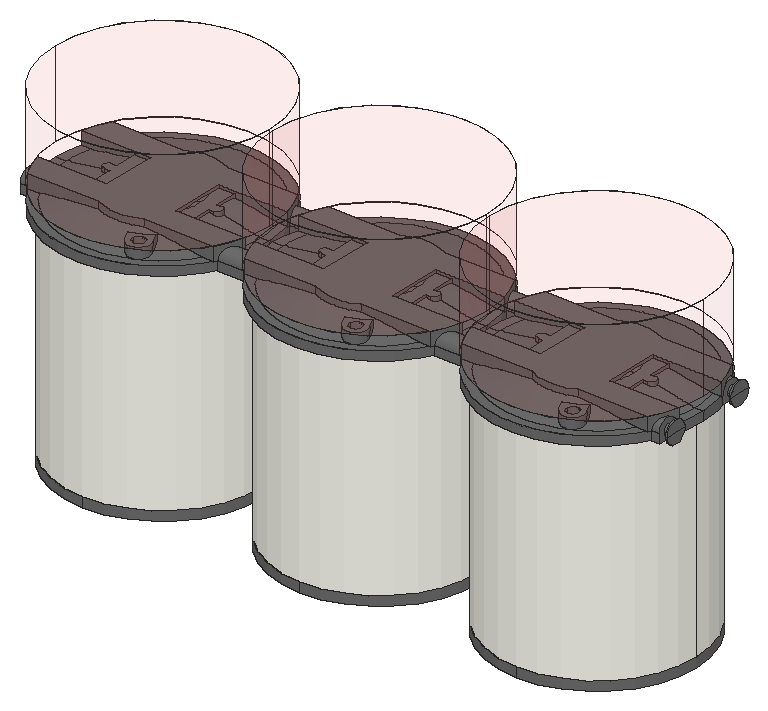
Revit family (continued)
Definition of nested family "Cooling_Plant_Accessories-Calmac-IceBank-Lid_C"
  Dimensions and locks (in)
    locked: plane 62 "Flange Left" to plane 29 "Left" at 1.69899
    radius of Extrusion 4 sketch curve = 2 15/32"
    radius of Extrusion 4 sketch curve = 31.11"
    radius of Extrusion 4 sketch curve = 4.66"
    aligned and locked: plane 37 "Right" to Revolve 1 sketch curve
    aligned and locked: Revolve 1 sketch curve to plane 3 "Center (Left/Right)"  (x2)
    aligned and locked: plane 38 "Lid Inset Right" to Revolve 1 sketch curve
    aligned and locked: plane 43 "Top Right" to Revolve 1 sketch curve
    aligned and locked: Revolve 1 sketch curve to plane 2 "Bottom"
    aligned and locked: plane 2 "Bottom" to Revolve 1 sketch curve
    aligned and locked: Extrusion 2 sketch curve to plane 8 "Piping Back"  (x2)
    aligned and locked: Extrusion 2 sketch curve to plane 9 "Rigging Back"
    aligned and locked: plane 19 "Rigging Front" to Extrusion 2 sketch curve  (x2)
    aligned and locked: plane 18 "Piping Front" to Extrusion 2 sketch curve  (x2)
    aligned and locked: plane 1 "Center (Front/Back)" to Extrusion 2 sketch curve
    aligned and locked: plane 3 "Center (Left/Right)" to Extrusion 2 sketch curve  (x2)
    aligned and locked: Extrusion 2 sketch curve to plane 34 "Left Rigging Right"
    aligned and locked: plane 42 "Right Rigging Left" to Extrusion 2 sketch curve
    aligned and locked: plane 35 "Top Left" to Extrusion 2 sketch curve
    aligned and locked: plane 43 "Top Right" to Extrusion 2 sketch curve
    aligned and locked: plane 5 "Back Connector Back" to Extrusion 3 sketch curve
    aligned and locked: plane 17 "Front Connector Back" to Extrusion 3 sketch curve
    aligned and locked: plane 15 "Front Connection Front" to Extrusion 3 sketch curve
    aligned and locked: Extrusion 3 sketch curve to plane 17 "Front Connector Back"
    aligned and locked: Extrusion 3 sketch curve to plane 15 "Front Connection Front"
    aligned and locked: plane 2 "Bottom" to Extrusion 3 sketch curve  (x2)
    aligned: Extrusion 3 to plane 45 "Connection Sleeve Right"
    aligned: Extrusion 3 to plane 44 "Connection Sleeve Left"
    aligned and locked: Extrusion 5 sketch curve to plane 33 "Left Rigging Loop Right"  (x2)
    aligned and locked: Extrusion 5 sketch curve to plane 34 "Left Rigging Right"
    aligned and locked: Extrusion 5 sketch curve to plane 9 "Rigging Back"
    aligned and locked: plane 19 "Rigging Front" to Extrusion 5 sketch curve  (x2)
    aligned and locked: Extrusion 5 sketch curve to plane 10 "Rigging Loop Back"  (x2)
    aligned and locked: plane 20 "Rigging Loop Front" to Extrusion 5 sketch curve  (x2)
    aligned and locked: plane 42 "Right Rigging Left" to Extrusion 5 sketch curve
    aligned and locked: plane 41 "Right Rigging Loop Left" to Extrusion 5 sketch curve  (x2)
    aligned and locked: Masking region 1 sketch curve to plane 2 "Bottom"
    aligned and locked: Masking region 1 sketch curve to plane 29 "Left"
    aligned and locked: plane 37 "Right" to Masking region 1 sketch curve
    aligned and locked: plane 4 "Back" to Masking region 2 sketch curve
    aligned and locked: plane 2 "Bottom" to Masking region 2 sketch curve
    aligned and locked: Masking region 2 sketch curve to plane 14 "Front"
    aligned and locked: plane 11 "Top Back Edge" to Masking region 2 sketch curve  (x2)
    aligned and locked: Masking region 2 sketch curve to plane 21 "Top Front Edge"
    aligned and locked: plane 12 "Back Inset" to Masking region 2 sketch curve
    aligned and locked: plane 21 "Top Front Edge" to Masking region 2 sketch curve
    aligned and locked: Masking region 2 sketch curve to Masking region 2 sketch curve
    aligned and locked: plane 22 "Front Inset" to Masking region 2 sketch curve
    aligned and locked: curve 73 to Extrusion 3
    aligned and locked: plane 8 "Piping Back" to cut or joined group of Revolve 1, Extrusion 2, Extrusion 4, Extrusion 5
    aligned and locked: curve 79 to cut or joined group of Revolve 1, Extrusion 2, Extrusion 4, Extrusion 5
    aligned and locked: curve 83 to cut or joined group of Revolve 1, Extrusion 2, Extrusion 4, Extrusion 5
    aligned and locked: cut or joined group of Revolve 1, Extrusion 2, Extrusion 4, Extrusion 5 to curve 87
    aligned and locked: curve 88 to Extrusion 3
    aligned and locked: curve 89 to Extrusion 3
    aligned and locked: curve 91 to Masking region 2
    aligned and locked: cut or joined group of Revolve 1, Extrusion 2, Extrusion 4, Extrusion 5 to curve 96
    aligned and locked: curve 97 to cut or joined group of Revolve 1, Extrusion 2, Extrusion 4, Extrusion 5
    aligned and locked: cut or joined group of Revolve 1, Extrusion 2, Extrusion 4, Extrusion 5 to curve 99
    aligned and locked: curve 100 to cut or joined group of Revolve 1, Extrusion 2, Extrusion 4, Extrusion 5
    aligned and locked: curve 101 to cut or joined group of Revolve 1, Extrusion 2, Extrusion 4, Extrusion 5
    aligned and locked: cut or joined group of Revolve 1, Extrusion 2, Extrusion 4, Extrusion 5 to curve 102
    aligned and locked: cut or joined group of Revolve 1, Extrusion 2, Extrusion 4, Extrusion 5 to curve 109
    aligned and locked: curve 110 to cut or joined group of Revolve 1, Extrusion 2, Extrusion 4, Extrusion 5
    aligned and locked: curve 111 to cut or joined group of Revolve 1, Extrusion 2, Extrusion 4, Extrusion 5
    aligned and locked: curve 112 to cut or joined group of Revolve 1, Extrusion 2, Extrusion 4, Extrusion 5
    aligned and locked: curve 113 to cut or joined group of Revolve 1, Extrusion 2, Extrusion 4, Extrusion 5
    aligned and locked: curve 114 to cut or joined group of Revolve 1, Extrusion 2, Extrusion 4, Extrusion 5
    aligned and locked: curve 115 to cut or joined group of Revolve 1, Extrusion 2, Extrusion 4, Extrusion 5
    aligned and locked: curve 116 to cut or joined group of Revolve 1, Extrusion 2, Extrusion 4, Extrusion 5
    aligned and locked: curve 117 to cut or joined group of Revolve 1, Extrusion 2, Extrusion 4, Extrusion 5
    aligned and locked: curve 118 to cut or joined group of Revolve 1, Extrusion 2, Extrusion 4, Extrusion 5
    aligned and locked: curve 119 to cut or joined group of Revolve 1, Extrusion 2, Extrusion 4, Extrusion 5
    aligned and locked: curve 120 to cut or joined group of Revolve 1, Extrusion 2, Extrusion 4, Extrusion 5
    aligned and locked: curve 121 to cut or joined group of Revolve 1, Extrusion 2, Extrusion 4, Extrusion 5
    aligned and locked: curve 122 to cut or joined group of Revolve 1, Extrusion 2, Extrusion 4, Extrusion 5
    aligned and locked: curve 123 to cut or joined group of Revolve 1, Extrusion 2, Extrusion 4, Extrusion 5
    aligned and locked: curve 124 to cut or joined group of Revolve 1, Extrusion 2, Extrusion 4, Extrusion 5
    aligned and locked: curve 125 to cut or joined group of Revolve 1, Extrusion 2, Extrusion 4, Extrusion 5
    aligned and locked: curve 126 to cut or joined group of Revolve 1, Extrusion 2, Extrusion 4, Extrusion 5
    aligned and locked: curve 127 to cut or joined group of Revolve 1, Extrusion 2, Extrusion 4, Extrusion 5
    aligned and locked: curve 128 to cut or joined group of Revolve 1, Extrusion 2, Extrusion 4, Extrusion 5
    aligned and locked: curve 129 to cut or joined group of Revolve 1, Extrusion 2, Extrusion 4, Extrusion 5
    aligned and locked: curve 130 to cut or joined group of Revolve 1, Extrusion 2, Extrusion 4, Extrusion 5
    aligned and locked: curve 131 to cut or joined group of Revolve 1, Extrusion 2, Extrusion 4, Extrusion 5
    aligned and locked: curve 132 to cut or joined group of Revolve 1, Extrusion 2, Extrusion 4, Extrusion 5
    aligned and locked: curve 133 to cut or joined group of Revolve 1, Extrusion 2, Extrusion 4, Extrusion 5
    aligned and locked: curve 134 to cut or joined group of Revolve 1, Extrusion 2, Extrusion 4, Extrusion 5
    aligned and locked: curve 135 to cut or joined group of Revolve 1, Extrusion 2, Extrusion 4, Extrusion 5
    aligned and locked: curve 136 to cut or joined group of Revolve 1, Extrusion 2, Extrusion 4, Extrusion 5
    aligned and locked: curve 137 to cut or joined group of Revolve 1, Extrusion 2, Extrusion 4, Extrusion 5
    aligned and locked: curve 138 to cut or joined group of Revolve 1, Extrusion 2, Extrusion 4, Extrusion 5
    aligned and locked: cut or joined group of Revolve 1, Extrusion 2, Extrusion 4, Extrusion 5 to curve 139
    aligned and locked: curve 140 to cut or joined group of Revolve 1, Extrusion 2, Extrusion 4, Extrusion 5
    aligned and locked: curve 141 to cut or joined group of Revolve 1, Extrusion 2, Extrusion 4, Extrusion 5
    aligned and locked: cut or joined group of Revolve 1, Extrusion 2, Extrusion 4, Extrusion 5 to curve 142
    aligned and locked: curve 143 to cut or joined group of Revolve 1, Extrusion 2, Extrusion 4, Extrusion 5
    aligned and locked: curve 144 to cut or joined group of Revolve 1, Extrusion 2, Extrusion 4, Extrusion 5
    aligned and locked: curve 145 to cut or joined group of Revolve 1, Extrusion 2, Extrusion 4, Extrusion 5
    aligned and locked: curve 146 to cut or joined group of Revolve 1, Extrusion 2, Extrusion 4, Extrusion 5
    aligned and locked: curve 147 to cut or joined group of Revolve 1, Extrusion 2, Extrusion 4, Extrusion 5
    aligned and locked: curve 148 to cut or joined group of Revolve 1, Extrusion 2, Extrusion 4, Extrusion 5
    aligned and locked: curve 149 to cut or joined group of Revolve 1, Extrusion 2, Extrusion 4, Extrusion 5
    aligned and locked: curve 150 to cut or joined group of Revolve 1, Extrusion 2, Extrusion 4, Extrusion 5
    aligned and locked: curve 151 to cut or joined group of Revolve 1, Extrusion 2, Extrusion 4, Extrusion 5
    aligned and locked: curve 152 to cut or joined group of Revolve 1, Extrusion 2, Extrusion 4, Extrusion 5
    aligned and locked: curve 153 to cut or joined group of Revolve 1, Extrusion 2, Extrusion 4, Extrusion 5
    aligned and locked: curve 154 to cut or joined group of Revolve 1, Extrusion 2, Extrusion 4, Extrusion 5
    aligned and locked: curve 117 to curve 155
    aligned and locked: plane 19 "Rigging Front" to curve 156
    aligned and locked: plane 9 "Rigging Back" to curve 156
    aligned and locked: curve 111 to curve 157
    aligned and locked: plane 19 "Rigging Front" to curve 158
    aligned and locked: plane 9 "Rigging Back" to curve 158
    aligned and locked: plane 8 "Piping Back" to curve 157  (x2)
    aligned and locked: curve 159 to cut or joined group of Revolve 1, Extrusion 2, Extrusion 4, Extrusion 5
    aligned and locked: curve 160 to cut or joined group of Revolve 1, Extrusion 2, Extrusion 4, Extrusion 5
    aligned and locked: curve 161 to curve 159
    aligned and locked: curve 162 to curve 160
    aligned and locked: curve 163 to cut or joined group of Revolve 1, Extrusion 2, Extrusion 4, Extrusion 5
    aligned and locked: curve 164 to cut or joined group of Revolve 1, Extrusion 2, Extrusion 4, Extrusion 5
    aligned and locked: curve 165 to cut or joined group of Revolve 1, Extrusion 2, Extrusion 4, Extrusion 5
    aligned and locked: curve 166 to cut or joined group of Revolve 1, Extrusion 2, Extrusion 4, Extrusion 5
    aligned and locked: curve 167 to cut or joined group of Revolve 1, Extrusion 2, Extrusion 4, Extrusion 5
    aligned and locked: curve 168 to cut or joined group of Revolve 1, Extrusion 2, Extrusion 4, Extrusion 5
    aligned and locked: curve 169 to cut or joined group of Revolve 1, Extrusion 2, Extrusion 4, Extrusion 5
    aligned and locked: curve 170 to cut or joined group of Revolve 1, Extrusion 2, Extrusion 4, Extrusion 5
    aligned and locked: cut or joined group of Revolve 1, Extrusion 2, Extrusion 4, Extrusion 5 to curve 171
    aligned and locked: curve 172 to cut or joined group of Revolve 1, Extrusion 2, Extrusion 4, Extrusion 5
    aligned and locked: curve 173 to cut or joined group of Revolve 1, Extrusion 2, Extrusion 4, Extrusion 5
    aligned and locked: curve 174 to cut or joined group of Revolve 1, Extrusion 2, Extrusion 4, Extrusion 5
    aligned and locked: curve 175 to cut or joined group of Revolve 1, Extrusion 2, Extrusion 4, Extrusion 5
    aligned and locked: curve 176 to cut or joined group of Revolve 1, Extrusion 2, Extrusion 4, Extrusion 5
    aligned and locked: curve 177 to cut or joined group of Revolve 1, Extrusion 2, Extrusion 4, Extrusion 5
    aligned and locked: curve 178 to cut or joined group of Revolve 1, Extrusion 2, Extrusion 4, Extrusion 5
    aligned and locked: curve 179 to cut or joined group of Revolve 1, Extrusion 2, Extrusion 4, Extrusion 5
    aligned and locked: curve 180 to cut or joined group of Revolve 1, Extrusion 2, Extrusion 4, Extrusion 5
    aligned and locked: cut or joined group of Revolve 1, Extrusion 2, Extrusion 4, Extrusion 5 to curve 181
    aligned and locked: cut or joined group of Revolve 1, Extrusion 2, Extrusion 4, Extrusion 5 to curve 182
    aligned and locked: cut or joined group of Revolve 1, Extrusion 2, Extrusion 4, Extrusion 5 to curve 183
    aligned and locked: cut or joined group of Revolve 1, Extrusion 2, Extrusion 4, Extrusion 5 to curve 184
    aligned and locked: curve 185 to cut or joined group of Revolve 1, Extrusion 2, Extrusion 4, Extrusion 5
    aligned and locked: cut or joined group of Revolve 1, Extrusion 2, Extrusion 4, Extrusion 5 to curve 186
    aligned and locked: curve 187 to cut or joined group of Revolve 1, Extrusion 2, Extrusion 4, Extrusion 5
    aligned and locked: cut or joined group of Revolve 1, Extrusion 2, Extrusion 4, Extrusion 5 to curve 188
    aligned and locked: plane 6 "Back Connector Center" to nested 4
    aligned: nested 4 to plane 44 "Connection Sleeve Left"
    aligned and locked: nested 1 to plane 6 "Back Connector Center"
    aligned: nested 1 to plane 45 "Connection Sleeve Right"
    aligned and locked: plane 16 "Fron Connector Center" to nested 2
    aligned: nested 2 to plane 45 "Connection Sleeve Right"
    aligned and locked: nested 3 to plane 16 "Fron Connector Center"
    aligned: nested 3 to plane 44 "Connection Sleeve Left"
    aligned and locked: plane 2 "Bottom" to curve 191
    aligned and locked: plane 1 "Center (Front/Back)" to curve 191
    aligned and locked: plane 3 "Center (Left/Right)" to nested 5
    aligned and locked: plane 1 "Center (Front/Back)" to nested 5
    aligned: plane 54 "Top of Clearance Box" to nested 5
    aligned: plane 55 "Top" to nested 5  (x4)
    aligned and locked: Masking region 1 to plane 55 "Top"
    aligned and locked: plane 57 "Center (Elevation)" to Extrusion 3 sketch curve  (x4)
    aligned and locked: plane 7 "Back Connector Front" to Extrusion 3 sketch curve
    aligned and locked: plane 55 "Top" to cut or joined group of Revolve 1, Extrusion 2, Extrusion 4, Extrusion 5
    aligned and locked: plane 57 "Center (Elevation)" to curve 162
    aligned and locked: cut or joined group of Revolve 1, Extrusion 2, Extrusion 4, Extrusion 5 to plane 57 "Center (Elevation)"
    aligned: plane 57 "Center (Elevation)" to nested 1  (x2)
    aligned: plane 57 "Center (Elevation)" to nested 2  (x2)
    aligned and locked: plane 57 "Center (Elevation)" to cut or joined group of Revolve 1, Extrusion 2, Extrusion 4, Extrusion 5  (x5)
    aligned and locked: curve 161 to plane 57 "Center (Elevation)"
    aligned: plane 57 "Center (Elevation)" to nested 3
    aligned: Masking region 2 to plane 55 "Top"
    aligned: plane 56 "Connector Channel Top" to Masking region 2
    aligned and locked: plane 21 "Top Front Edge" to Masking region 2
    aligned and locked: plane 58 "Front Inset 2" to Masking region 2
    aligned and locked: plane 57 "Center (Elevation)" to curve 78
    aligned and locked: curve 163 to plane 57 "Center (Elevation)"
    aligned and locked: curve 77 to plane 8 "Piping Back"
    aligned and locked: plane 9 "Rigging Back" to curve 86
    aligned and locked: plane 19 "Rigging Front" to curve 80
    aligned and locked: curve 95 to plane 18 "Piping Front"
    aligned and locked: curve 84 to plane 10 "Rigging Loop Back"
    aligned and locked: curve 82 to plane 20 "Rigging Loop Front"
    aligned and locked: cut or joined group of Revolve 1, Extrusion 2, Extrusion 4, Extrusion 5 to plane 56 "Connector Channel Top"
    aligned and locked: nested 5 to plane 54 "Top of Clearance Box"
    aligned and locked: plane 57 "Center (Elevation)" to nested 1
    aligned and locked: plane 57 "Center (Elevation)" to nested 2
    aligned and locked: plane 57 "Center (Elevation)" to nested 3
    aligned and locked: plane 55 "Top" to nested 5  (x6)
    aligned and locked: plane 54 "Top of Clearance Box" to nested 5  (x4)
    aligned and locked: Masking region 2 sketch curve to plane 55 "Top"
    aligned and locked: plane 56 "Connector Channel Top" to Masking region 2 sketch curve
    aligned and locked: curve 192 to curve 177
    aligned and locked: curve 193 to curve 176
    aligned and locked: curve 194 to curve 175
    aligned and locked: curve 195 to curve 174
    aligned and locked: curve 196 to curve 173
    aligned and locked: curve 197 to curve 172
    aligned and locked: curve 198 to curve 171
    aligned and locked: curve 199 to curve 170
    aligned and locked: curve 200 to curve 169
    aligned and locked: curve 201 to curve 180
    aligned and locked: curve 202 to curve 179
    aligned and locked: curve 203 to curve 178
    aligned and locked: curve 204 to curve 162
    aligned and locked: curve 205 to curve 161
    aligned and locked: Extrusion 3 to plane 60 "Insulation - Right"
    aligned and locked: Extrusion 3 to plane 61 "Insulation - Left"
    aligned and locked: plane 7 "Back Connector Front" to Masking region 4 sketch curve
    aligned and locked: Masking region 4 sketch curve to plane 5 "Back Connector Back"
    aligned and locked: plane 17 "Front Connector Back" to Masking region 4 sketch curve
    aligned and locked: Masking region 4 sketch curve to plane 15 "Front Connection Front"
    aligned and locked: plane 61 "Insulation - Left" to Masking region 4 sketch curve  (x2)
    aligned and locked: plane 60 "Insulation - Right" to Masking region 4 sketch curve  (x2)
    aligned and locked: nested 4 to plane 61 "Insulation - Left"
    aligned and locked: nested 3 to plane 61 "Insulation - Left"
    aligned and locked: nested 1 to plane 60 "Insulation - Right"
    aligned and locked: nested 2 to plane 60 "Insulation - Right"
    aligned and locked: plane 61 "Insulation - Left" to Masking region 5 sketch curve
    aligned and locked: plane 56 "Connector Channel Top" to Masking region 5 sketch curve
    aligned and locked: plane 2 "Bottom" to Masking region 5 sketch curve
    aligned and locked: plane 60 "Insulation - Right" to Masking region 5 sketch curve
    aligned and locked: plane 2 "Bottom" to curve 213
    aligned and locked: curve 213 to plane 60 "Insulation - Right"
    aligned and locked: curve 208 to plane 61 "Insulation - Left"
    aligned and locked: plane 2 "Bottom" to curve 208
    aligned and locked: plane 62 "Flange Left" to nested 4
  Automatic sketch dimensions
    Extrusion 4 sketch curve to Extrusion 4 sketch curve = 0"
    Extrusion 5 sketch curve to plane 9 "Rigging Back" = 0"
    Extrusion 2 sketch curve to Extrusion 2 sketch curve = 0"  (x5)
    Extrusion 2 sketch curve to plane 35 "Top Left" = 0"
    Extrusion 2 sketch curve to plane 3 "Center (Left/Right)" = 0"
    Extrusion 2 sketch curve to plane 9 "Rigging Back" = 0"
    plane 30 "Left Lip Inset" to Extrusion 2 sketch curve = 1.96722"  (x2)
    plane 38 "Lid Inset Right" to Extrusion 2 sketch curve = 1.96722"  (x2)
    Extrusion 2 sketch curve to plane 20 "Rigging Loop Front" = 0.60261"
    Extrusion 2 sketch curve to plane 10 "Rigging Loop Back" = 0.60261"
    Masking region 2 sketch curve to plane 27 "Pad Eye Front Center" = 0.69072"
    Revolve 1 sketch curve to Revolve 1 sketch curve = 3 3/4"
    Revolve 1 sketch curve to Revolve 1 sketch curve = 9"
    Revolve 1 sketch curve to Revolve 1 sketch curve = 0"
    Masking region 1 sketch curve to Masking region 1 sketch curve = 9 1/4"
    Masking region 2 sketch curve to plane 22 "Front Inset" = 0"
    Masking region 2 sketch curve to Masking region 2 sketch curve = 3 3/4"
    Masking region 2 sketch curve to Masking region 2 sketch curve = 0.64281"
    level to Masking region 2 sketch curve = 6.26888"
    level to Masking region 2 sketch curve = 6.54801"
    Masking region 2 sketch curve to Masking region 2 sketch curve = 0.27913"
    Masking region 2 sketch curve to Masking region 2 sketch curve = 3.60719"
    curve 99 to plane 50 "Top Left Inset" = 0"
    curve 98 to plane 3 "Center (Left/Right)" = 0"
    curve 100 to plane 56 "Connector Channel Top" = 0"
    plane 43 "Top Right" to curve 102 = 0"
    plane 51 "Top Right Inset" to curve 109 = 0"
    curve 99 to plane 55 "Top" = 0"
    curve 109 to plane 55 "Top" = 0"
    plane 50 "Top Left Inset" to curve 110 = 4.45635"
    curve 98 to plane 32 "Left Rigging Loop Inset" = 1.17979"
    plane 35 "Top Left" to curve 98 = 0"
    plane 43 "Top Right" to curve 98 = 0.20898"
    plane 57 "Center (Elevation)" to curve 105 = 0.73854"
    curve 105 to plane 43 "Top Right" = 2.02375"
    plane 46 "Right Center" to curve 105 = 0.99812"
    plane 46 "Right Center" to curve 105 = 0.88046"
    curve 107 to plane 46 "Right Center" = 0.34333"
    plane 41 "Right Rigging Loop Left" to curve 106 = 0.48196"
    curve 106 to curve 106 = 0.0769"
    plane 41 "Right Rigging Loop Left" to curve 101 = 0.25712"
    curve 108 to curve 97 = 5.53004"
    plane 57 "Center (Elevation)" to curve 106 = 0.21408"
    plane 57 "Center (Elevation)" to curve 100 = 1.59188"
    curve 103 to curve 108 = 1.3737"
    curve 100 to curve 98 = 1.22618"
    level to curve 110 = 6.56901"
    curve 188 to plane 18 "Piping Front" = 0"
    curve 188 to plane 57 "Center (Elevation)" = 0"
    curve 188 to plane 55 "Top" = 0"
    curve 187 to plane 57 "Center (Elevation)" = 0.14855"
    curve 187 to plane 8 "Piping Back" = 0"
    curve 187 to plane 55 "Top" = 0"
    curve 186 to plane 18 "Piping Front" = 0"
    curve 185 to plane 8 "Piping Back" = 0"
    curve 185 to plane 57 "Center (Elevation)" = 0"
    curve 185 to plane 55 "Top" = 0"
    curve 186 to plane 57 "Center (Elevation)" = 0"
    curve 186 to plane 55 "Top" = 0.21345"
    curve 112 to curve 116 = 0"  (x2)
    curve 112 to curve 120 = 0"  (x2)
    curve 112 to curve 124 = 0"  (x2)
    curve 112 to curve 130 = 0"  (x2)
    curve 112 to curve 131 = 0"
    curve 112 to curve 145 = 0"
    curve 112 to curve 146 = 0"  (x2)
    curve 112 to curve 156 = 0"  (x2)
    curve 112 to curve 158 = 0"  (x2)
    curve 112 to curve 161 = 0"  (x2)
    curve 112 to curve 163 = 0"  (x2)
    curve 112 to curve 164 = 0"  (x2)
    curve 112 to curve 165 = 0"  (x2)
    curve 112 to curve 166 = 0"
    curve 112 to curve 167 = 0"  (x2)
    curve 112 to curve 168 = 0"
    curve 118 to curve 176 = 0"  (x2)
    curve 126 to curve 170 = 0"
    curve 151 to curve 153 = 0"
    curve 151 to curve 154 = 0"
    curve 123 to plane 52 "Right Side Chanel" = 0"
    curve 121 to plane 52 "Right Side Chanel" = 0"
    curve 168 to plane 38 "Lid Inset Right" = 0"
    plane 20 "Rigging Loop Front" to curve 135 = 0"
    plane 1 "Center (Front/Back)" to curve 136 = 0"
    curve 133 to plane 41 "Right Rigging Loop Left" = 0"
    curve 137 to plane 41 "Right Rigging Loop Left" = 0"
    curve 179 to plane 42 "Right Rigging Left" = 0"
    curve 118 to plane 43 "Top Right" = 0"
    curve 125 to plane 43 "Top Right" = 0"
    plane 18 "Piping Front" to curve 176 = 0"
    curve 176 to plane 43 "Top Right" = 0"
    curve 155 to plane 3 "Center (Left/Right)" = 0"
    curve 176 to plane 3 "Center (Left/Right)" = 0"
    curve 170 to plane 3 "Center (Left/Right)" = 0"
    curve 157 to plane 3 "Center (Left/Right)" = 0"
    plane 18 "Piping Front" to curve 117 = 0"
    curve 113 to plane 34 "Left Rigging Right" = 0"
    curve 143 to plane 33 "Left Rigging Loop Right" = 0"
    curve 148 to plane 33 "Left Rigging Loop Right" = 0"
    curve 140 to plane 10 "Rigging Loop Back" = 0"
    plane 1 "Center (Front/Back)" to curve 140 = 0"
    curve 112 to plane 50 "Top Left Inset" = 0"
    curve 116 to plane 50 "Top Left Inset" = 0"
    curve 166 to plane 30 "Left Lip Inset" = 0"
    curve 158 to curve 168 = 0"
    curve 120 to curve 164 = 4.45635"
    curve 155 to curve 164 = 0"
    plane 51 "Top Right Inset" to curve 163 = 4.45635"
    curve 157 to curve 163 = 0"
    curve 135 to plane 40 "Right Rigging Loop Inset" = 1.25367"
    curve 151 to plane 24 "Pad Eye Back Left Offset" = 0.24397"
    plane 41 "Right Rigging Loop Left" to curve 151 = 0.73123"
    curve 153 to plane 46 "Right Center" = 0.40154"
    plane 46 "Right Center" to curve 152 = 0.11395"
    curve 151 to plane 42 "Right Rigging Left" = 1.55753"
    curve 131 to plane 42 "Right Rigging Left" = 1.24396"
    plane 25 "Pad Eye Hole" to curve 151 = 0.41045"
    plane 42 "Right Rigging Left" to curve 151 = 2.62837"
    plane 26 "Pad Eye Back Left" to curve 150 = 0.04987"
    plane 43 "Top Right" to curve 150 = 0.20898"
    plane 43 "Top Right" to curve 169 = 0.88239"
    plane 1 "Center (Front/Back)" to curve 149 = 0.00093"
    plane 3 "Center (Left/Right)" to curve 149 = 0.00344"
    curve 146 to plane 34 "Left Rigging Right" = 1.24396"
    curve 140 to plane 32 "Left Rigging Loop Inset" = 1.24992"
    curve 156 to curve 165 = 0"
    curve 170 to plane 10 "Rigging Loop Back" = 0.60261"
    curve 157 to plane 1 "Center (Front/Back)" = 0.00493"
    curve 149 to curve 155 = 0.03088"
    curve 118 to plane 20 "Rigging Loop Front" = 0.60261"
    curve 184 to plane 19 "Rigging Front" = 0"
    curve 183 to plane 9 "Rigging Back" = 0"
    curve 184 to plane 57 "Center (Elevation)" = 0"
    curve 183 to plane 57 "Center (Elevation)" = 0"
    curve 184 to plane 55 "Top" = 0"
    curve 183 to plane 55 "Top" = 0"
    curve 182 to plane 57 "Center (Elevation)" = 0"
    curve 182 to plane 55 "Top" = 0"
    curve 181 to plane 9 "Rigging Back" = 0"
    curve 181 to plane 57 "Center (Elevation)" = 0"
    curve 181 to plane 55 "Top" = 0"
    curve 182 to plane 19 "Rigging Front" = 0"
    curve 92 to plane 21 "Top Front Edge" = 0"
    curve 76 to plane 11 "Top Back Edge" = 0"
    curve 78 to plane 12 "Back Inset" = 0"
    level to curve 74 = 0"
    level to curve 89 = 0"
    level to curve 90 = 0"
    level to curve 75 = 0"
    plane 56 "Connector Channel Top" to curve 81 = 0"
    plane 56 "Connector Channel Top" to curve 85 = 0"
    curve 80 to plane 55 "Top" = 0"
    curve 77 to plane 55 "Top" = 0"
    curve 191 to plane 55 "Top" = 0"
    curve 86 to plane 55 "Top" = 0"
    curve 95 to plane 55 "Top" = 0"
    plane 23 "Pad Eye Back Right" to curve 91 = 0.21387"
    curve 91 to plane 58 "Front Inset 2" = 0.00052"
    plane 22 "Front Inset" to curve 96 = 0.00227"
    plane 18 "Piping Front" to curve 92 = 0.02422"
    curve 93 to plane 20 "Rigging Loop Front" = 0.00136"
    plane 1 "Center (Front/Back)" to curve 94 = 0.0138"
    plane 1 "Center (Front/Back)" to curve 94 = 0.00177"
    curve 93 to plane 1 "Center (Front/Back)" = 0.01386"
    curve 94 to plane 10 "Rigging Loop Back" = 0.00136"
    curve 76 to plane 8 "Piping Back" = 0.00969"
    plane 56 "Connector Channel Top" to curve 93 = 1.56605"
    plane 56 "Connector Channel Top" to curve 76 = 1.45199"
    plane 56 "Connector Channel Top" to curve 92 = 1.45199"
    curve 94 to curve 93 = 0.32132"
    curve 94 to curve 83 = 0.34177"
    curve 94 to curve 84 = 0.00054"
    curve 94 to curve 94 = 0.00054"
    curve 82 to curve 93 = 0.00002"
    curve 93 to curve 93 = 0.00002"
    curve 16 to curve 157 = 1.61517"
    curve 18 to curve 18 = 0.6236"
    curve 17 to plane 11 "Top Back Edge" = 1.60052"
    curve 18 to curve 17 = 0.6236"
    curve 18 to curve 16 = 1.56427"
    curve 16 to curve 17 = 1.24719"
    curve 18 to curve 17 = 0.78196"
    curve 17 to curve 17 = 1.24746"
    curve 16 to curve 17 = 1.56393"
    curve 15 to plane 31 "Left Rigging Loop Left" = 0.92879"
    curve 15 to curve 15 = 0.78196"
    curve 15 to curve 13 = 1.24746"
    curve 15 to curve 14 = 0.78196"
    curve 13 to curve 14 = 1.56393"
    curve 14 to curve 16 = 5.29454"
    curve 15 to curve 14 = 0.6236"
    curve 14 to curve 14 = 1.56427"
    curve 13 to curve 14 = 1.24719"
    plane 1 "Center (Front/Back)" to curve 60 = 0"
    curve 1 to plane 47 "Bolt Inset Right" = 0"
    curve 41 to plane 14 "Front" = 0"
    curve 41 to plane 47 "Bolt Inset Right" = 0"
    curve 42 to plane 3 "Center (Left/Right)" = 0"
    curve 2 to plane 48 "Bolt Inset Left" = 0"
    plane 1 "Center (Front/Back)" to curve 24 = 0"
    plane 4 "Back" to curve 2 = 0"
    plane 4 "Back" to curve 1 = 0"
    plane 49 "Bolt Inset Center" to curve 3 = 0"
    curve 40 to plane 14 "Front" = 0"
    curve 58 to plane 37 "Right" = 0.00227"
    curve 59 to plane 37 "Right" = 0.00227"
    curve 61 to plane 52 "Right Side Chanel" = 0.5656"
    curve 56 to plane 52 "Right Side Chanel" = 0.5656"
    curve 55 to plane 52 "Right Side Chanel" = 0.12048"
    curve 62 to plane 52 "Right Side Chanel" = 0.12048"
    plane 45 "Connection Sleeve Right" to curve 60 = 0.26851"
    curve 56 to plane 38 "Lid Inset Right" = 0.97814"
    curve 63 to plane 38 "Lid Inset Right" = 0.97814"
    curve 63 to plane 38 "Lid Inset Right" = 0.75558"
    curve 57 to plane 38 "Lid Inset Right" = 0.75558"
    curve 62 to plane 38 "Lid Inset Right" = 0.53302"
    curve 55 to plane 38 "Lid Inset Right" = 0.53302"
    curve 53 to plane 23 "Pad Eye Back Right" = 1.03206"
    plane 51 "Top Right Inset" to curve 53 = 3.26006"
    plane 51 "Top Right Inset" to curve 64 = 3.26006"
    plane 26 "Pad Eye Back Left" to curve 52 = 1.31658"
    curve 53 to curve 52 = 1.24719"
    curve 64 to curve 65 = 1.24719"
    curve 64 to curve 66 = 1.56427"
    curve 64 to plane 11 "Top Back Edge" = 1.60052"
    plane 23 "Pad Eye Back Right" to curve 53 = 0.21541"
    curve 53 to curve 53 = 1.56427"
    curve 53 to curve 54 = 0.6236"
    curve 66 to curve 66 = 0.6236"  (x2)
    curve 54 to curve 52 = 0.6236"
    curve 67 to plane 39 "Right Rigging Loop Right" = 3.74019"
    plane 25 "Pad Eye Hole" to curve 50 = 0.6295"
    curve 50 to plane 39 "Right Rigging Loop Right" = 3.74019"
    curve 67 to curve 67 = 1.24746"
    curve 50 to curve 50 = 1.24746"
    curve 49 to plane 25 "Pad Eye Hole" = 0.61769"
    curve 50 to curve 49 = 1.56393"
    curve 67 to curve 68 = 1.56393"
    curve 69 to curve 69 = 0.78196"
    curve 50 to curve 51 = 0.78196"
    curve 49 to plane 39 "Right Rigging Loop Right" = 0.92879"
    curve 69 to plane 39 "Right Rigging Loop Right" = 0.92879"
    plane 41 "Right Rigging Loop Left" to curve 47 = 0.54143"
    plane 41 "Right Rigging Loop Left" to curve 70 = 0.54143"
    plane 41 "Right Rigging Loop Left" to curve 48 = 1.40954"
    plane 41 "Right Rigging Loop Left" to curve 72 = 1.40954"
    curve 72 to plane 46 "Right Center" = 0.53926"
    curve 48 to plane 46 "Right Center" = 0.53926"
    plane 22 "Front Inset" to curve 46 = 0.13961"
    curve 46 to plane 46 "Right Center" = 0.50624"
    plane 12 "Back Inset" to curve 71 = 0.13961"
    curve 71 to plane 46 "Right Center" = 0.50624"
    plane 46 "Right Center" to curve 48 = 0.36187"
    plane 46 "Right Center" to curve 72 = 0.36187"
    curve 4 to plane 43 "Top Right" = 1.29276"
    curve 44 to plane 43 "Top Right" = 1.29276"
    curve 45 to plane 43 "Top Right" = 0.84755"
    plane 13 "Back Bolt Front" to curve 6 = 0.28224"
    curve 6 to plane 43 "Top Right" = 0.84755"
    plane 43 "Top Right" to curve 45 = 0.12755"
    plane 13 "Back Bolt Front" to curve 6 = 0.05968"
    plane 43 "Top Right" to curve 6 = 0.12755"
    plane 43 "Top Right" to curve 43 = 0.65743"
    plane 43 "Top Right" to curve 5 = 0.65743"
    curve 45 to curve 43 = 0.97509"
    curve 5 to plane 13 "Back Bolt Front" = 0.16288"
    curve 9 to plane 13 "Back Bolt Front" = 0.16288"
    plane 35 "Top Left" to curve 9 = 1.10264"
    plane 35 "Top Left" to curve 38 = 1.10264"
    plane 35 "Top Left" to curve 38 = 0.65743"
    plane 35 "Top Left" to curve 7 = 0.65743"
    plane 35 "Top Left" to curve 39 = 0.12755"
    plane 13 "Back Bolt Front" to curve 9 = 0.05968"
    plane 35 "Top Left" to curve 9 = 0.12755"
    curve 39 to plane 22 "Front Inset" = 0.53076"
    curve 39 to plane 35 "Top Left" = 0.84755"
    plane 13 "Back Bolt Front" to curve 8 = 0.28224"
    curve 8 to plane 35 "Top Left" = 1.29276"
    curve 37 to plane 35 "Top Left" = 1.29276"
    plane 33 "Left Rigging Loop Right" to curve 36 = 3.21178"
    plane 33 "Left Rigging Loop Right" to curve 12 = 3.21178"
    plane 12 "Back Inset" to curve 10 = 0.13961"
    curve 10 to curve 10 = 0.8681"
    plane 22 "Front Inset" to curve 35 = 0.13961"
    curve 36 to curve 35 = 0.8681"
    curve 12 to curve 12 = 0.90112"
    curve 35 to curve 36 = 0.90112"
    curve 12 to curve 11 = 0.90112"
    curve 36 to plane 58 "Front Inset 2" = 0.83541"
    curve 36 to curve 36 = 0.90112"
    plane 33 "Left Rigging Loop Right" to curve 11 = 0.54143"
    plane 33 "Left Rigging Loop Right" to curve 34 = 0.54143"
    curve 32 to plane 31 "Left Rigging Loop Left" = 0.92879"
    curve 32 to curve 33 = 0.78196"
    curve 32 to plane 25 "Pad Eye Hole" = 0.61769"
    curve 33 to curve 32 = 1.24746"
    curve 33 to curve 33 = 0.78196"
    plane 25 "Pad Eye Hole" to curve 31 = 0.6295"
    curve 32 to curve 31 = 1.56393"
    curve 30 to curve 155 = 1.61517"
    curve 29 to plane 23 "Pad Eye Back Right" = 1.34852"
    curve 29 to curve 30 = 0.6236"
    plane 23 "Pad Eye Back Right" to curve 28 = 0.21541"
    curve 30 to curve 28 = 0.6236"
    plane 26 "Pad Eye Back Left" to curve 29 = 1.31658"
    curve 30 to curve 29 = 1.56427"
    curve 28 to plane 23 "Pad Eye Back Right" = 1.03206"
    curve 29 to curve 28 = 1.24719"
    curve 19 to plane 30 "Left Lip Inset" = 0.53302"
    curve 27 to plane 30 "Left Lip Inset" = 0.53302"
    curve 21 to plane 30 "Left Lip Inset" = 0.75558"
    curve 27 to plane 30 "Left Lip Inset" = 0.75558"
    curve 20 to plane 30 "Left Lip Inset" = 0.97814"
    curve 27 to plane 30 "Left Lip Inset" = 0.97814"
    plane 44 "Connection Sleeve Left" to curve 23 = 0.26851"
    curve 26 to plane 53 "Left Side Channel" = 0.12048"
    curve 19 to plane 53 "Left Side Channel" = 0.12048"
    curve 20 to plane 53 "Left Side Channel" = 0.5656"
    curve 25 to plane 53 "Left Side Channel" = 0.5656"
    curve 22 to plane 29 "Left" = 0.00227"
    curve 23 to plane 29 "Left" = 0.00227"
    plane 4 "Back" to curve 5 = 0.88851"
    plane 4 "Back" to curve 7 = 0.88851"
    curve 8 to plane 49 "Bolt Inset Center" = 0.66715"
    curve 4 to plane 49 "Bolt Inset Center" = 0.66715"
    plane 12 "Back Inset" to curve 11 = 1.00752"
    plane 12 "Back Inset" to curve 70 = 1.00752"
    plane 12 "Back Inset" to curve 10 = 1.94225"
    plane 12 "Back Inset" to curve 71 = 1.94225"
    curve 12 to curve 12 = 0.43396"
    curve 71 to curve 72 = 0.43396"
    plane 12 "Back Inset" to curve 68 = 5.22954"
    curve 68 to curve 67 = 1.24719"
    curve 68 to curve 68 = 1.56427"
    curve 68 to curve 69 = 0.6236"
    curve 65 to curve 64 = 2.81139"
    curve 65 to curve 64 = 1.56393"
    curve 65 to curve 66 = 0.78196"
    curve 19 to plane 9 "Rigging Back" = 0.41389"
    curve 62 to plane 9 "Rigging Back" = 0.41389"
    curve 21 to plane 9 "Rigging Back" = 0.85911"
    curve 62 to plane 9 "Rigging Back" = 0.85911"
    curve 62 to curve 63 = 0.97509"
    curve 21 to curve 21 = 0.97509"
    curve 62 to curve 61 = 1.95019"
    curve 19 to curve 20 = 1.95019"
    curve 59 to plane 10 "Rigging Loop Back" = 0.99983"
    curve 24 to plane 10 "Rigging Loop Back" = 0.99983"
    curve 25 to plane 19 "Rigging Front" = 2.80929"
    curve 56 to plane 19 "Rigging Front" = 2.80929"
    curve 57 to curve 56 = 0.44521"
    curve 25 to curve 25 = 0.44521"
    curve 56 to curve 57 = 0.97509"
    curve 27 to curve 27 = 0.97509"
    curve 26 to plane 19 "Rigging Front" = 0.41389"
    curve 55 to plane 19 "Rigging Front" = 0.41389"
    curve 54 to plane 23 "Pad Eye Back Right" = 0.56656"
    curve 33 to curve 31 = 1.56427"
    curve 51 to curve 50 = 1.56427"
    curve 50 to curve 51 = 0.6236"
    curve 33 to curve 33 = 0.6236"
    curve 48 to plane 58 "Front Inset 2" = 0.83541"
    curve 36 to curve 36 = 0.43396"
    curve 47 to curve 48 = 0.43396"
    plane 22 "Front Inset" to curve 47 = 1.00752"
    plane 22 "Front Inset" to curve 34 = 1.00752"
    curve 44 to plane 22 "Front Inset" = 0.53076"
    curve 39 to plane 22 "Front Inset" = 0.75332"
    curve 45 to plane 22 "Front Inset" = 0.75332"
    curve 40 to plane 22 "Front Inset" = 1.81422"
    plane 14 "Front" to curve 44 = 1.33363"
    plane 14 "Front" to curve 37 = 1.33363"
    plane 14 "Front" to curve 43 = 0.88851"
    plane 14 "Front" to curve 38 = 0.88851"
    curve 190 to plane 3 "Center (Left/Right)" = 0"
    curve 200 to curve 199 = 0.88239"
    curve 189 to plane 37 "Right" = 0"
    plane 1 "Center (Front/Back)" to curve 189 = 0"
    curve 189 to plane 29 "Left" = 0"
    curve 204 to curve 206 = 0"  (x2)
    curve 204 to curve 207 = 0"  (x2)
    curve 192 to plane 51 "Top Right Inset" = 0"
    plane 14 "Front" to curve 190 = 0.00227"
    curve 197 to plane 53 "Left Side Channel" = 0"
    plane 4 "Back" to curve 190 = 0.00227"
    plane 1 "Center (Front/Back)" to Masking region 3 sketch curve = 0"
    Masking region 3 sketch curve to plane 3 "Center (Left/Right)" = 0"
    curve 210 to curve 211 = 0.15401"
    curve 212 to curve 209 = 2.08906"
    curve 209 to curve 212 = 0.36274"
    curve 208 to curve 209 = 1 1/4"
    curve 208 to curve 211 = 0"
    curve 211 to curve 211 = 3 3/4"
    curve 211 to curve 210 = 1.76036"
    curve 210 to curve 209 = 0.06398"
    plane 60 "Insulation - Right" to curve 217 = 3.49307"
    curve 215 to curve 215 = 0.15401"
    curve 214 to curve 216 = 2.08906"
    curve 216 to curve 214 = 0.36274"
    curve 217 to curve 213 = 0"
    curve 217 to curve 217 = 3 3/4"
    curve 215 to curve 214 = 1.76036"
    curve 215 to curve 214 = 0.06398"
    radius of Masking region 3 sketch curve = 44.31273"
  Nested families (in)
    nested 1: "Cooling_Plant_Accessories-Calmac-IceBank-4-Inch Flanged Connection" at (42.59375, 16.5, 3.75), Pipe Material <- "Pipe Material", visible <- "Is Back Right Flanged Connector Visibility", type <- "Connections Front", type "Flange"
      with Pipe Material Plastic- Calmac- Black
    nested 2: "Cooling_Plant_Accessories-Calmac-IceBank-4-Inch Flanged Connection" at (42.59375, -16.5, 3.75), Pipe Material <- "Pipe Material", visible <- "Is Front Right  Flanged Connector Visibility", type <- "Connections Front", type "Flange"
      with Pipe Material Plastic- Calmac- Black
    nested 3: "Cooling_Plant_Accessories-Calmac-IceBank-4-Inch Flanged Connection" at (-42.59375, -16.5, 3.75) x (-1, 0, 0) z (0, 0, 1), Pipe Material <- "Pipe Material", visible <- "Is Front Left  Flanged Connector Visibility", type <- "Connections Rear", type "Flange"
      with Pipe Material Plastic- Calmac- Black
    nested 4: "Cooling_Plant_Accessories-Calmac-IceBank-4-Inch Flanged Connection" at (-42.59375, 16.5, 3.75) x (-1, 0, 0) z (0, 0, 1), Pipe Material <- "Pipe Material", visible <- "Is Back Left  Flanged Connector Visibility", type <- "Connections Rear", type "Flange"
      with Pipe Material Plastic- Calmac- Black
    nested 5: "Cooling_Plant_Accessories-Calmac-IceBankClearance Box" at (0, 0, 15.25), CTRL Radius <- "CTRL Radius", visible <- "Is Clearance Box Visible", type "Include Clearance"
      with Width 88 5/8", Height 36", Depth 88 5/8", CTRL Radius 44 5/16"
  Definition of nested family "Cooling_Plant_Accessories-Calmac-IceBank-4-Inch Flanged Connection"
    Parameters (values of type "Flange")
      Pipe Material [instance] = Default
      No Flange = not(Has Flange)  # no
      Has Flange = yes
    Types (3): name | Pipe Material | No Flange | Has Flange
      (no name) | Default | no | yes
      Flange | Default | no | yes
      No Flange | none | yes | no
    Reference planes (in)
      plane 1 "Center (Front/Back)": y = 0
      plane 2 "Center (Elevation)": z = 0
      plane 3 "Center (Left/Right)": x = 0
      plane 4 "Back": y = 4.5
      plane 5 "Back Face": x = 2.79297
      plane 6 "Base Back": y = 2.25
      plane 7 "Fase Back": y = 3
      plane 8 "Front": y = -4.5
      plane 9 "Base Front": y = -2.25
      plane 10 "Face Front": y = -3
      plane 11 "Face": x = 3.41797
      plane 12 "T.O. Flange": z = 4.5
      plane 13 "T.O. Pipe": z = 2.25
      plane 14 "B.O. Flange": z = -4.5
      plane 15 "B.O. Pipe": z = -2.25
    Forms (in)
      Revolve 1, solid, material "Default" <- "Pipe Material", visible <- "Has Flange", detail levels fine
        sketch origin (0, 0, 0) x (1, 0, 0) y (0, 1, 0)
          loop
            line (0, 2.25) -> (0, 0) -> (3.41797, 0) -> (3.41797, 4.5) -> (2.79297, 4.5) -> (2.79297, 2.25) -> (0, 2.25)
          axis (0, 0) -> (3.41797, 0)
        angle from 0 to 360
      Extrusion 2, solid, material "Default" <- "Pipe Material", visible <- "No Flange", detail levels fine
        sketch origin (3.41797, 0, 0) x (0, 1, 0) y (0, 0, 1)
          loop
            circle (0, 0) r 2.25
        from -3.41797 to 0
    Lines and regions (in)
      Masking region 1, detail levels fine
        outline origin (0, 0, 0) x (0, 1, 0) y (0, 0, 1)
          loop
            circle (0, 0) r 4.5
      Masking region 2, visible <- "Has Flange", detail levels fine
        outline origin (0, 0, 0) x (1, 0, 0) y (0, 0, 1)
          loop
            line (3.41797, 4.5) -> (2.79297, 4.5) -> (2.79297, 2.25) -> (0, 2.25) -> (0, -2.25) -> (2.79297, -2.25) -> (2.79297, -4.5) -> (3.41797, -4.5) -> (3.41797, 4.5)
      Masking region 3, visible <- "Has Flange", detail levels fine
        outline origin (0, 0, 0) x (1, 0, 0) y (0, 1, 0)
          loop
            line (0, 2.25) -> (0, -2.25) -> (2.79297, -2.25) -> (2.79297, -4.5) -> (3.41797, -4.5) -> (3.41797, 4.5) -> (2.79297, 4.5) -> (2.79297, 2.25) -> (0, 2.25)
      Masking region 4, visible <- "No Flange", detail levels fine
        outline origin (0, 0, 0) x (1, 0, 0) y (0, 1, 0)
          loop
            line (0, 2.25) -> (0, -2.25) -> (3.41797, -2.25) -> (3.41797, 2.25) -> (0, 2.25)
      Masking region 5, visible <- "No Flange"
        outline origin (0, 0, 0) x (1, 0, 0) y (0, 0, 1)
          loop
            line (0, 2.25) -> (0, -2.25) -> (3.41797, -2.25) -> (3.41797, 2.25) -> (0, 2.25)
      model lines, style "Piping", detail levels coarse+medium
        curve 1: line (0, 0, 0) -> (3.41797, 0, 0)
      model lines, style "Piping", visible <- "Has Flange", detail levels medium
        curve 2: arc (3.41797, -4.5, 0) -> (3.41797, 0, 4.5) -> (3.41797, 4.5, 0) r 4.5
        curve 3: arc (3.41797, 4.5, 0) -> (3.41797, 0, -4.5) -> (3.41797, -4.5, 0) r 4.5
      symbolic lines, detail levels coarse+medium
        curve 4: line (0, 0, 0) -> (3.41797, 0, 0)
        curve 5: line (0, 0, 0) -> (3.41797, 0, 0)
    Dimensions and locks (in)
      locked: plane 4 "Back" to plane 7 "Fase Back" at 1.5
      locked: plane 4 "Back" to plane 6 "Base Back" at 2.25
      locked: plane 8 "Front" to plane 10 "Face Front" at 1.5
      locked: plane 8 "Front" to plane 9 "Base Front" at 2.25
      locked: plane 1 "Center (Front/Back)" to plane 6 "Base Back" at 2.25
      locked: plane 9 "Base Front" to plane 1 "Center (Front/Back)" at 2.25
      locked: plane 3 "Center (Left/Right)" to plane 11 "Face" at 3.41797
      locked: plane 5 "Back Face" to plane 11 "Face" at 0.625
      locked: plane 2 "Center (Elevation)" to plane 14 "B.O. Flange" at 4.5
      locked: plane 2 "Center (Elevation)" to plane 15 "B.O. Pipe" at 2.25
      locked: plane 12 "T.O. Flange" to plane 2 "Center (Elevation)" at 4.5
      locked: plane 12 "T.O. Flange" to plane 13 "T.O. Pipe" at 2.25
      aligned and locked: Revolve 1 sketch curve to plane 3 "Center (Left/Right)"
      aligned and locked: Revolve 1 sketch curve to plane 5 "Back Face"
      aligned and locked: Revolve 1 sketch curve to plane 11 "Face"
      aligned and locked: Revolve 1 sketch curve to plane 1 "Center (Front/Back)"
      aligned and locked: Revolve 1 sketch curve to plane 4 "Back"
      aligned and locked: Revolve 1 sketch curve to plane 6 "Base Back"
      aligned and locked: plane 1 "Center (Front/Back)" to Revolve 1 sketch curve  (x2)
      aligned and locked: plane 3 "Center (Left/Right)" to Revolve 1 sketch curve
      aligned and locked: Masking region 1 sketch curve to Revolve 1  (x2)
      aligned and locked: Masking region 2 sketch curve to Revolve 1  (x3)
      aligned and locked: Masking region 2 sketch curve to plane 5 "Back Face"
      aligned and locked: Masking region 2 sketch curve to plane 3 "Center (Left/Right)"
      aligned and locked: Masking region 3 sketch curve to plane 3 "Center (Left/Right)"
      aligned and locked: Masking region 3 sketch curve to plane 4 "Back"
      aligned and locked: Masking region 3 sketch curve to plane 6 "Base Back"
      aligned and locked: plane 9 "Base Front" to Masking region 3 sketch curve
      aligned and locked: plane 8 "Front" to Masking region 3 sketch curve
      aligned and locked: Masking region 3 sketch curve to plane 11 "Face"
      aligned and locked: Masking region 3 sketch curve to plane 5 "Back Face"  (x2)
      aligned and locked: plane 1 "Center (Front/Back)" to curve 1
      aligned and locked: plane 3 "Center (Left/Right)" to curve 1
      aligned and locked: curve 2 to Revolve 1
      aligned and locked: curve 3 to Revolve 1
      aligned and locked: plane 11 "Face" to curve 1
      aligned and locked: plane 11 "Face" to curve 4
      aligned and locked: plane 3 "Center (Left/Right)" to curve 4
      aligned and locked: plane 1 "Center (Front/Back)" to curve 4
      aligned and locked: plane 11 "Face" to curve 5
      aligned and locked: plane 3 "Center (Left/Right)" to curve 5
      aligned and locked: curve 5 to plane 2 "Center (Elevation)"
      aligned and locked: Masking region 2 to plane 12 "T.O. Flange"
      aligned and locked: plane 13 "T.O. Pipe" to Masking region 2
      aligned and locked: plane 2 "Center (Elevation)" to curve 1
      aligned and locked: plane 15 "B.O. Pipe" to Masking region 2
      aligned and locked: Masking region 2 to plane 14 "B.O. Flange"
      aligned and locked: plane 1 "Center (Front/Back)" to Extrusion 2 sketch curve
      aligned and locked: plane 2 "Center (Elevation)" to Extrusion 2 sketch curve
      aligned and locked: Extrusion 2 to plane 3 "Center (Left/Right)"
      aligned and locked: plane 11 "Face" to Extrusion 2
      aligned and locked: Masking region 4 sketch curve to plane 9 "Base Front"
      aligned and locked: Masking region 4 sketch curve to plane 6 "Base Back"
      aligned and locked: plane 3 "Center (Left/Right)" to Masking region 4 sketch curve
      aligned and locked: Masking region 4 sketch curve to plane 11 "Face"
      aligned and locked: Masking region 5 sketch curve to plane 11 "Face"
      aligned and locked: plane 13 "T.O. Pipe" to Masking region 5 sketch curve
      aligned and locked: plane 3 "Center (Left/Right)" to Masking region 5 sketch curve
      aligned and locked: plane 15 "B.O. Pipe" to Masking region 5 sketch curve
  Definition of nested family "Cooling_Plant_Accessories-Calmac-IceBankClearance Box"
    Parameters (values of type "Include Clearance")
      Width [instance] = CTRL Radius * 2  # 89"
      Height [instance] = 36"
      Depth [instance] = Width  # 89"
      Clearance Material = Clearance
      CTRL Radius [instance] = 44 1/2"
      Assembly Code = ""
    Reference planes (in)
      plane 1 "Center (Front/Back)": y = 0
      plane 2 "Bottom": z = -6
      plane 3 "Center (Left/Right)": x = 0
      plane 4 "Top": z = 30
      plane 5 "Back": y = 44.5
      plane 6 "Left": x = -44.5
      plane 7 "Front": y = -44.5
      plane 8 "Right": x = 44.5
      plane 9 "Center (Elevation)": z = 12
    Forms (in)
      Extrusion 1, solid, material "Clearance" <- "Clearance Material"
        sketch origin (0, 0, 30) x (-1, 0, 0) y (0, -1, 0)
          loop
            circle (0, 0) r 44.5
        from -36 to 0
    Lines and regions (in)
      symbolic lines, style "Clearance"
        curve 1: line (-44.5, 0, 30) -> (44.5, 0, 30)
        curve 2: line (-44.5, 0, -6) -> (-44.5, 0, 30)
        curve 3: line (44.5, 0, -6) -> (-44.5, 0, -6)
        curve 4: line (44.5, 0, 30) -> (44.5, 0, -6)
        curve 5: line (0, -44.5, 30) -> (0, 44.5, 30)
        curve 6: line (0, -44.5, -6) -> (0, -44.5, 30)
        curve 7: line (0, 44.5, -6) -> (0, -44.5, -6)
        curve 8: line (0, 44.5, 30) -> (0, 44.5, -6)
        curve 9: circle (0, 0, 30) r 44.5 normal (0, 0, 1)
    Dimensions and locks (in)
      "Height": plane 4 "Top" to plane 2 "Bottom"
      "Depth": plane 5 "Back" to plane 7 "Front"
      "Width": plane 6 "Left" to plane 8 "Right"
      equal spacing: plane 6 "Left", plane 3 "Center (Left/Right)", plane 8 "Right"
      equal spacing: plane 5 "Back", plane 1 "Center (Front/Back)", plane 7 "Front"
      equal spacing: plane 4 "Top", plane 9 "Center (Elevation)", plane 2 "Bottom"
      "CTRL Radius": radius of Extrusion 1 sketch curve
      "CTRL Radius": radius of curve 9
      aligned: level to plane 2 "Bottom"
      aligned and locked: plane 3 "Center (Left/Right)" to Extrusion 1 sketch curve
      aligned and locked: plane 1 "Center (Front/Back)" to Extrusion 1 sketch curve
      aligned and locked: plane 3 "Center (Left/Right)" to curve 9
      aligned and locked: plane 1 "Center (Front/Back)" to curve 9
      aligned and locked: Extrusion 1 to plane 2 "Bottom"
      aligned and locked: plane 2 "Bottom" to curve 3
      aligned and locked: plane 2 "Bottom" to curve 7
      aligned and locked: plane 4 "Top" to Extrusion 1
      aligned and locked: curve 1 to plane 4 "Top"
      aligned and locked: curve 5 to plane 4 "Top"
      aligned and locked: curve 8 to plane 5 "Back"
      aligned and locked: curve 6 to plane 7 "Front"
      aligned and locked: curve 4 to plane 8 "Right"
      aligned and locked: curve 2 to plane 6 "Left"
